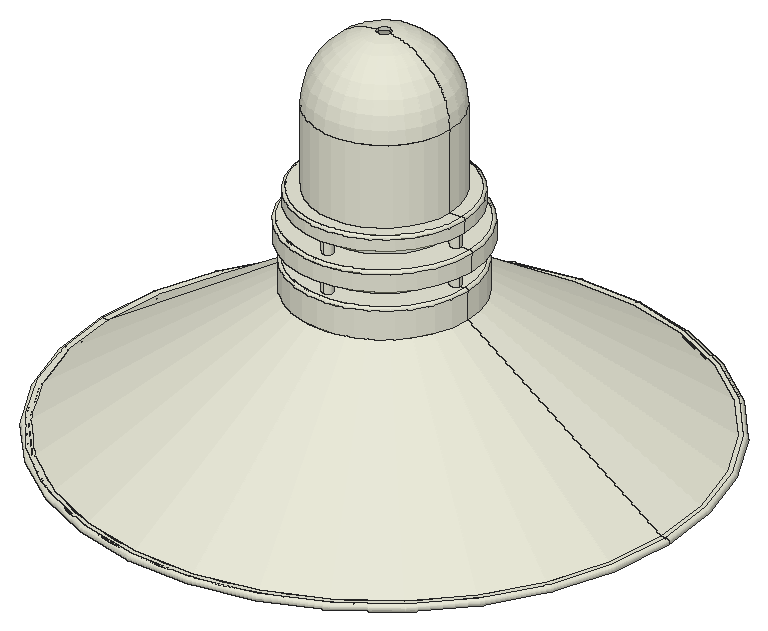
Revit family "L222 SHADE", category Lighting Fixtures, Revit 2024
Family settings
  Round Connector Dimension = Use Diameter
  Part Type = Normal
  OmniClass Number = 23.80.70.00
  OmniClass Title = Lighting
  Work Plane-Based = No
  Always vertical = Yes
  Cut with Voids When Loaded = No
  Light Source = Yes
  Maintain Annotation Orientation = No
  Shared = No
  Room Calculation Point = No
Parameters
  Wattage = 12.1178 W
  built-in parameter 1150110 = 1 (stored number, unit not read)
  built-in parameter 1114217 = 1 (stored number, unit not read)
  built-in parameter 1150109 = 1 (stored number, unit not read)
  built-in parameter 1150134 = (empty or 0)
  built-in parameter 1150113 = 1 (stored number, unit not read)
  Lumens = 1800 lm
  built-in parameter 1150115 = 1 (stored number, unit not read)
  built-in parameter 1150105 = 572.96 (stored number, unit not read)
  Light Source Symbol Size = 2' - 0"
  built-in parameter 1150137 = (empty or 0)
  built-in parameter 1150139 = (empty or 0)
  built-in parameter 1150112 = 1 (stored number, unit not read)
  built-in parameter 1150114 = 1 (stored number, unit not read)
  built-in parameter 1150132 = 2
  built-in parameter 1150102 = (empty or 0)
  built-in parameter 1150138 = (empty or 0)
  built-in parameter 1150107 = 3000 (stored number, unit not read)
  built-in parameter 1150106 = 5.7296 (stored number, unit not read)
  built-in parameter 1150104 = 13.8 (stored number, unit not read)
  Dimming Lamp Color Temperature Shift = (empty or 0)
  Default Elevation = 0' - 0"
  Color Filter = 16777215
  built-in parameter 1114218 = 1 (stored number, unit not read)
  built-in parameter 1150133 = 10 (stored number, unit not read)
Reference planes (in)
  plane 1 "Light Source Axis (F/B)": y = 0
  plane 2: z = 0
  plane 3 "Light Source Axis (L/R)": x = 0
  plane 4 "Light Source Elevation": z = 54
Forms (in)
  Revolve 1, solid
    sketch origin (0, 0, 0) x (1, 0, 0) y (0, 0, 1)
      loop
        line (-3.22625, 59.11336) -> (-10.68334, 54.25) -> (-10.875, 54.25)
        arc (-10.875, 54.25) -> (-10.95155, 54.02618) -> (-10.75397, 54.15625) r 0.125
        line (-10.75397, 54.15625) -> (-10.65547, 54.15625) -> (-3.1325, 59.06258) -> (-3.1325, 60.09834) -> (-2.3099, 60.09834) -> (-2.3099, 60.19209) -> (-3.12625, 60.19209)
        arc (-3.12625, 60.19209) -> (-3.19696, 60.1628) -> (-3.22625, 60.09209) r 0.1
        line (-3.22625, 60.09209) -> (-3.22625, 59.11336)
      loop
        line (-3.38733, 60.85295) -> (-3.29358, 60.85295) -> (-3.29358, 61.4592) -> (-2.3099, 61.4592) -> (-2.3099, 61.55295) -> (-3.28733, 61.55295)
        arc (-3.28733, 61.55295) -> (-3.35804, 61.52366) -> (-3.38733, 61.45295) r 0.1
        line (-3.38733, 61.45295) -> (-3.38733, 60.85295)
      loop
        line (-3.1, 62.09583) -> (-3.00625, 62.09583) -> (-3.00625, 62.50208) -> (-2.45625, 62.50208) -> (-2.45625, 65.45)
        arc (-2.45625, 65.45) -> (-1.82308, 67.09607) -> (-0.25, 67.89349) r 2.45625
        line (-0.25, 67.89349) -> (-0.25, 67.98772)
        arc (-0.25, 67.98772) -> (-1.88944, 67.16245) -> (-2.55, 65.45) r 2.55
        line (-2.55, 65.45) -> (-2.55, 62.59583) -> (-3, 62.59583)
        arc (-3, 62.59583) -> (-3.07071, 62.56654) -> (-3.1, 62.49583) r 0.1
        line (-3.1, 62.49583) -> (-3.1, 62.09583)
      loop
        line (-2.1, 62.74098) -> (-2.1, 57.42083)
        arc (-2.1, 57.42083) -> (-1.48492, 55.93591) -> (0, 55.32083) r 2.1
        line (0, 55.32083) -> (0, 55.41458)
        arc (0, 55.41458) -> (-1.41863, 56.0022) -> (-2.00625, 57.42083) r 2.00625
        line (-2.00625, 57.42083) -> (-2.00625, 62.74098) -> (-2.1, 62.74098)
      axis (0, 67.98772) -> (0, 54.15625)
    angle from 0 to 360
  Sweep 2, solid
    path origin (0, 0, 1.90625) x (1, 0, 0) y (0, 0, 1)
      loop
        line (-2.75, 58.19209) -> (-2.75, 60.50208)
    profile origin (-2.75, 0, 61.25333) x (-1, 0, 0) y (0, -1, 0)
      loop
        circle (0, 0) r 0.1875
  Sweep 3, solid
    path origin (0, 0, 1.90625) x (0, -1, 0) y (0, 0, 1)
      loop
        line (-2.75, 58.19209) -> (-2.75, 60.50208)
    profile origin (0, 2.75, 61.25333) x (0, 1, 0) y (-1, 0, 0)
      loop
        circle (0, 0) r 0.1875
  Sweep 4, solid
    path origin (0, 0, 1.90625) x (0, 1, 0) y (0, 0, 1)
      loop
        line (-2.75, 58.19209) -> (-2.75, 60.50208)
    profile origin (0, -2.75, 61.25333) x (0, -1, 0) y (1, 0, 0)
      loop
        circle (0, 0) r 0.1875
  Sweep 5, solid
    path origin (0, 0, 1.90625) x (-1, 0, 0) y (0, 0, 1)
      loop
        line (-2.75, 58.19209) -> (-2.75, 60.50208)
    profile origin (2.75, 0, 61.25333) x (1, 0, 0) y (0, 1, 0)
      loop
        circle (0, 0) r 0.1875
Dimensions and locks (in)
  aligned and locked: plane 3 "Light Source Axis (L/R)" to imposter light
  aligned and locked: plane 1 "Light Source Axis (F/B)" to imposter light
  aligned and locked: plane 4 "Light Source Elevation" to imposter light
  aligned and locked: level to plane 2
